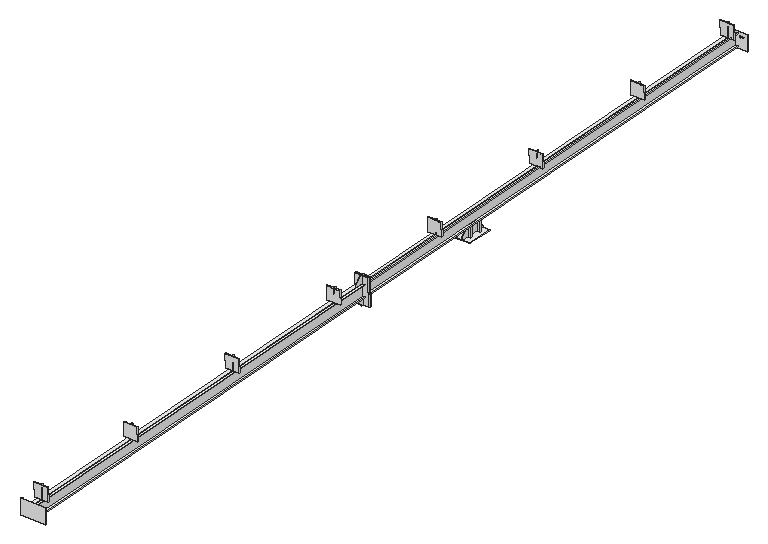
Revit family "STC_A3-Rafter-Type-K", category Structural Framing, Revit 2016
Family settings
  Section Shape = Not Defined
  Material for Model Behavior = Other
  Always export as geometry = No
  Work Plane-Based = No
  Always vertical = Yes
  Cut with Voids When Loaded = No
  Symbolic Representation = From Family
  Shared = No
  Show family pre-cut in plan views = Yes
Reference planes
  plane 1 "Center (Front/Back)": y = 0
  plane 2: z = 0
  plane 3 "Center (Left/Right)": x = 0
Forms (mm)
  Extrusion 1, solid, material "Metal - Steel"
    sketch origin (0, 0, 0) x (0, 1, 0) y (0, 0, 1)
      loop
        line (-235, 348.794) -> (-235, 548.794) -> (-245, 548.794) -> (-245, 348.794) -> (-235, 348.794)
      loop
        line (-12005, 33.595) -> (-12015, 33.595) -> (-12015, -166.405) -> (-12005, -166.405) -> (-12005, 33.595)
    from -170 to 170
  Extrusion 2, void
    sketch origin (0, 0, 0) x (1, 0, 0) y (0, 0, 1)
      loop
        line (124, 509.794) -> (76, 509.794)
        arc (76, 509.794) -> (65, 498.794) -> (76, 487.794) r 11
        line (76, 487.794) -> (124, 487.794)
        arc (124, 487.794) -> (135, 498.794) -> (124, 509.794) r 11
      loop
        arc (-124, 509.794) -> (-135, 498.794) -> (-124, 487.794) r 11
        line (-124, 487.794) -> (-76, 487.794)
        arc (-76, 487.794) -> (-65, 498.794) -> (-76, 509.794) r 11
        line (-76, 509.794) -> (-124, 509.794)
    from 235 to 245
  Extrusion 3, solid, material "Metal - Steel"
    sketch origin (0, 0, 0) x (0, 1, 0) y (0, 0, 1)
      loop
        line (-6507.842, 354.651) -> (-6492.139, -5.006) -> (-6482.149, -4.57) -> (-6497.851, 355.087) -> (-6507.842, 354.651)
    from -90 to 90
  Extrusion 4, solid, material "Metal - Steel"
    sketch origin (0, 9.99, 0.436) x (0, 1, 0) y (0, 0, 1)
      loop
        line (-6507.842, 354.651) -> (-6492.139, -5.006) -> (-6482.149, -4.57) -> (-6497.851, 355.087) -> (-6507.842, 354.651)
    from -90 to 90
  Extrusion 5, solid, material "Metal - Steel"
    sketch origin (0, 0, 0) x (0, 1, 0) y (0, 0, 1)
      loop
        line (-6507.842, 354.651) -> (-6527.823, 353.778) -> (-6604.257, 270.365) -> (-6603.385, 250.384) -> (-6503.48, 254.746) -> (-6507.842, 354.651)
      loop
        line (-6487.861, 355.523) -> (-6483.499, 255.618) -> (-6383.594, 259.98) -> (-6384.467, 279.961) -> (-6467.88, 356.396) -> (-6487.861, 355.523)
      loop
        line (-6492.139, -5.006) -> (-6496.501, 94.898) -> (-6596.406, 90.536) -> (-6595.533, 70.555) -> (-6512.12, -5.879) -> (-6492.139, -5.006)
      loop
        line (-6472.158, -4.134) -> (-6452.177, -3.262) -> (-6375.743, 80.152) -> (-6376.615, 100.133) -> (-6476.52, 95.771) -> (-6472.158, -4.134)
      loop
        line (-352.444, 698.473) -> (-372.425, 697.6) -> (-364.791, 522.767) -> (-284.868, 526.257) -> (-285.74, 546.238) -> (-352.444, 698.473)
      loop
        line (-1852.444, 632.981) -> (-1872.425, 632.109) -> (-1864.791, 457.276) -> (-1784.868, 460.765) -> (-1785.74, 480.746) -> (-1852.444, 632.981)
      loop
        line (-3552.487, 558.756) -> (-3572.468, 557.884) -> (-3564.835, 383.05) -> (-3484.911, 386.54) -> (-3485.784, 406.521) -> (-3552.487, 558.756)
      loop
        line (-5252.531, 484.53) -> (-5272.512, 483.658) -> (-5264.879, 308.825) -> (-5184.955, 312.314) -> (-5185.827, 332.295) -> (-5252.531, 484.53)
      loop
        line (-6952.575, 410.305) -> (-6972.556, 409.432) -> (-6964.922, 234.599) -> (-6884.998, 238.089) -> (-6885.871, 258.07) -> (-6952.575, 410.305)
      loop
        line (-8652.618, 336.079) -> (-8672.599, 335.207) -> (-8664.966, 160.374) -> (-8585.042, 163.863) -> (-8585.914, 183.844) -> (-8652.618, 336.079)
      loop
        line (-10352.662, 261.854) -> (-10372.643, 260.981) -> (-10365.01, 86.148) -> (-10285.086, 89.638) -> (-10285.958, 109.619) -> (-10352.662, 261.854)
      loop
        line (-11852.662, 196.362) -> (-11872.643, 195.49) -> (-11865.01, 20.657) -> (-11785.086, 24.146) -> (-11785.958, 44.127) -> (-11852.662, 196.362)
      loop
        line (-4475, 60) -> (-4545, 140) -> (-4565, 140) -> (-4565, 40) -> (-4475, 40) -> (-4475, 60)
      loop
        line (-4725, 140) -> (-4745, 140) -> (-4815, 60) -> (-4815, 40) -> (-4725, 40) -> (-4725, 140)
    from -5 to 5
  Extrusion 6, void
    sketch origin (0, 0, -565.199) x (1, 0, 0) y (0, 0, 1)
      loop
        line (124, 509.794) -> (76, 509.794)
        arc (76, 509.794) -> (65, 498.794) -> (76, 487.794) r 11
        line (76, 487.794) -> (124, 487.794)
        arc (124, 487.794) -> (135, 498.794) -> (124, 509.794) r 11
      loop
        arc (-124, 509.794) -> (-135, 498.794) -> (-124, 487.794) r 11
        line (-124, 487.794) -> (-76, 487.794)
        arc (-76, 487.794) -> (-65, 498.794) -> (-76, 509.794) r 11
        line (-76, 509.794) -> (-124, 509.794)
    from 12005 to 12015
  Extrusion 7, solid, material "Metal - Steel"
    sketch origin (0, 0, 0) x (0, 1, 0) y (0, 0, 1)
      loop
        line (-245, 527.997) -> (-6483.499, 255.618) -> (-6483.176, 248.225) -> (-245, 520.59) -> (-245, 527.997)
      loop
        line (-245, 375.252) -> (-6476.843, 103.164) -> (-6476.52, 95.771) -> (-245, 367.845) -> (-245, 375.252)
      loop
        line (-12005, 14.545) -> (-12005, 7.137) -> (-6503.157, 247.353) -> (-6503.48, 254.746) -> (-12005, 14.545)
      loop
        line (-12005, -138.201) -> (-12005, -145.608) -> (-6496.501, 94.898) -> (-6496.824, 102.291) -> (-12005, -138.201)
    from -41 to 41
  Extrusion 8, solid, material "Metal - Steel"
    sketch origin (0, 0, 0) x (0, 1, 0) y (0, 0, 1)
      loop
        line (-6483.176, 248.225) -> (-6476.843, 103.164) -> (-245, 375.252) -> (-245, 520.59) -> (-6483.176, 248.225)
      loop
        line (-6503.157, 247.353) -> (-12005, 7.137) -> (-12005, -138.201) -> (-6496.824, 102.291) -> (-6503.157, 247.353)
      loop
        line (-4717.6, 172.567) -> (-4717.6, 40) -> (-4572.4, 40) -> (-4572.4, 178.906) -> (-4717.6, 172.567)
    from -2.5 to 2.5
  Extrusion 9, solid, material "Metal - Steel"
    sketch origin (0, 0, 0) x (0, 1, 0) y (0, 0, 1)
      loop
        line (-4565, 40) -> (-4565, 179.229) -> (-4572.4, 178.906) -> (-4572.4, 40) -> (-4565, 40)
      loop
        line (-4725, 40) -> (-4717.6, 40) -> (-4717.6, 172.567) -> (-4725, 172.244) -> (-4725, 40)
    from -41 to 41
  Extrusion 10, solid, material "Metal - Steel"
    sketch origin (0, 0, 0) x (0, 1, 0) y (0, 0, 1)
      loop
        line (-4475, 30) -> (-4475, 40) -> (-4815, 40) -> (-4815, 30) -> (-4475, 30)
    from -100 to 100
  Extrusion 11, solid, material "Metal - Steel"
    sketch origin (0, 0, 0) x (0, 1, 0) y (0, 0, 1)
      loop
        line (-374.782, 522.331) -> (-364.791, 522.767) -> (-372.425, 697.6) -> (-382.415, 697.164) -> (-374.782, 522.331)
      loop
        line (-1874.782, 456.839) -> (-1864.791, 457.276) -> (-1872.425, 632.109) -> (-1882.415, 631.673) -> (-1874.782, 456.839)
      loop
        line (-3574.826, 382.614) -> (-3564.835, 383.05) -> (-3572.468, 557.884) -> (-3582.459, 557.447) -> (-3574.826, 382.614)
      loop
        line (-5274.869, 308.388) -> (-5264.879, 308.825) -> (-5272.512, 483.658) -> (-5282.503, 483.222) -> (-5274.869, 308.388)
      loop
        line (-6974.913, 234.163) -> (-6964.922, 234.599) -> (-6972.556, 409.432) -> (-6982.546, 408.996) -> (-6974.913, 234.163)
      loop
        line (-8674.956, 159.937) -> (-8664.966, 160.374) -> (-8672.599, 335.207) -> (-8682.59, 334.771) -> (-8674.956, 159.937)
      loop
        line (-10375, 85.712) -> (-10365.01, 86.148) -> (-10372.643, 260.981) -> (-10382.633, 260.545) -> (-10375, 85.712)
      loop
        line (-11875, 20.22) -> (-11865.01, 20.657) -> (-11872.643, 195.49) -> (-11882.633, 195.054) -> (-11875, 20.22)
    from -90 to 90
Cuts and joins
  Extrusion 2 cuts Extrusion 1
  Extrusion 2 cuts Extrusion 7
  Extrusion 2 cuts Extrusion 8
